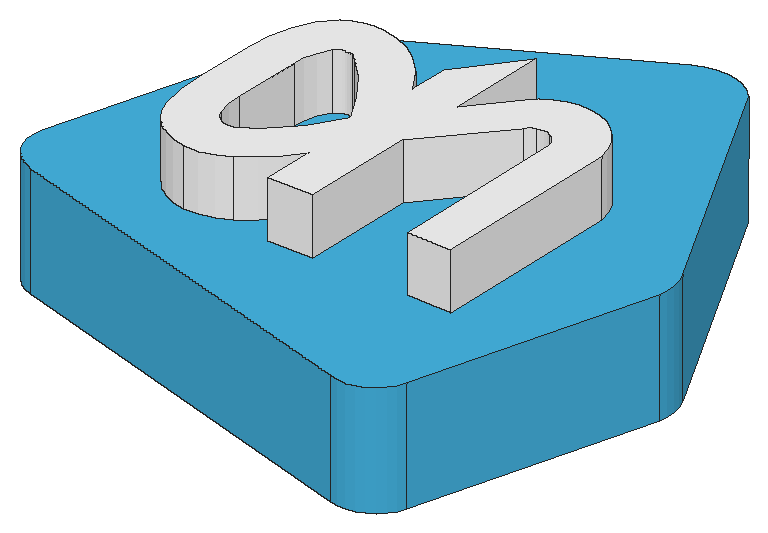
Revit family "AH_CubeGenericObjectData", category Generic Models, Revit 2025
Family settings
  Can host rebar = No
  Round Connector Dimension = Use Diameter
  Part Type = Normal
  Work Plane-Based = No
  Always vertical = Yes
  Cut with Voids When Loaded = No
  Maintain Annotation Orientation = No
  Shared = No
  Room Calculation Point = No
Parameters (values of type "Dummy")
  Standalone = ""
  Default Elevation = 0 mm
  Classificatie = ""
  Aanwezig in Project = no
Reference planes
  plane 1 "Center (Front/Back)": y = 0
  plane 2: z = 0
  plane 3 "Center (Left/Right)": x = 0
Forms (mm)
  Extrusion 1, solid, material "AH_Blauw"
    sketch origin (2649.501, 1012.67, 0) x (1, 0, 0) y (0, 1, 0)
      loop
        arc (-2976.123, -755.914) -> (-3001.465, -777.939) -> (-3015.663, -808.365) r 80.78
        line (-3015.663, -808.365) -> (-3134.876, -1224.11)
        arc (-3134.876, -1224.11) -> (-3126.621, -1282.853) -> (-3079.876, -1319.373) r 79.176
        line (-3079.876, -1319.373) -> (-2387.768, -1517.832)
        arc (-2387.768, -1517.832) -> (-2329.598, -1512.743) -> (-2292.851, -1467.364) r 74.721
        line (-2292.851, -1467.364) -> (-2174.327, -1054.021)
        arc (-2174.327, -1054.021) -> (-2174.786, -1021.101) -> (-2185.614, -990.009) r 102.955
        line (-2185.614, -990.009) -> (-2429.382, -539.195)
        arc (-2429.382, -539.195) -> (-2484.781, -507.852) -> (-2547.559, -518.357) r 95.341
        line (-2547.559, -518.357) -> (-2976.123, -755.914)
    from 0 to 200
  Extrusion 2, solid, material "AH_Wit"
    sketch origin (2649.501, 1012.67, 0) x (1, 0, 0) y (0, 1, 0)
      loop
        arc (-2695.752, -950.515) -> (-2721.42, -913.386) -> (-2753.274, -881.406) r 253.181
        arc (-2753.274, -881.406) -> (-2790.741, -857.994) -> (-2833.209, -845.816) r 158.723
        arc (-2833.209, -845.816) -> (-2882.268, -853.586) -> (-2918.595, -887.461) r 84.944
        arc (-2918.595, -887.461) -> (-2940.306, -939.878) -> (-2947.712, -996.128) r 217.333
        line (-2947.712, -996.128) -> (-2947.712, -1106.128)
        arc (-2947.712, -1106.128) -> (-2945.357, -1151.177) -> (-2936.743, -1195.457) r 322.724
        arc (-2936.743, -1195.457) -> (-2902.159, -1250.415) -> (-2842.604, -1276.291) r 110
        arc (-2842.604, -1276.291) -> (-2804.545, -1272.226) -> (-2769.531, -1256.765) r 124.185
        arc (-2769.531, -1256.765) -> (-2728.664, -1223.853) -> (-2695.752, -1182.986) r 244.706
        line (-2695.752, -1182.986) -> (-2695.752, -1272.986) -> (-2615.716, -1272.986) -> (-2615.716, -1073.455) -> (-2506.149, -942.878)
        arc (-2506.149, -942.878) -> (-2499.599, -936.546) -> (-2491.556, -932.268) r 32.69
        arc (-2491.556, -932.268) -> (-2480.375, -930.296) -> (-2469.195, -932.268) r 32.69
        arc (-2469.195, -932.268) -> (-2453.597, -944.236) -> (-2447.685, -962.986) r 32.69
        line (-2447.685, -962.986) -> (-2447.685, -1272.986) -> (-2370.185, -1272.986) -> (-2370.185, -937.986)
        arc (-2370.185, -937.986) -> (-2396.991, -881.787) -> (-2448.913, -847.421) r 116.496
        arc (-2448.913, -847.421) -> (-2506.417, -846.417) -> (-2554.651, -877.741) r 98.356
        line (-2554.651, -877.741) -> (-2615.716, -950.515) -> (-2615.716, -778.073) -> (-2695.752, -880.515) -> (-2695.752, -950.515)
      loop
        arc (-2870.212, -1118.466) -> (-2867.915, -1144.716) -> (-2861.095, -1170.169) r 151.168
        arc (-2861.095, -1170.169) -> (-2852.84, -1183.127) -> (-2839.882, -1191.382) r 35.493
        arc (-2839.882, -1191.382) -> (-2827.188, -1193.053) -> (-2814.977, -1189.203) r 29.578
        arc (-2814.977, -1189.203) -> (-2802.651, -1181.202) -> (-2791.226, -1171.96) r 140.906
        arc (-2791.226, -1171.96) -> (-2746.695, -1124.265) -> (-2711.19, -1069.519) r 371.791
        arc (-2711.19, -1069.519) -> (-2725.046, -1043.592) -> (-2741.04, -1018.926) r 348.1
        arc (-2741.04, -1018.926) -> (-2757.407, -994.009) -> (-2776.093, -970.78) r 309.879
        arc (-2776.093, -970.78) -> (-2795.961, -950.55) -> (-2816.899, -931.43) r 521.575
        arc (-2816.899, -931.43) -> (-2820.255, -928.958) -> (-2823.955, -927.038) r 26.737
        arc (-2823.955, -927.038) -> (-2839.775, -926.286) -> (-2852.295, -935.984) r 22.89
        arc (-2852.295, -935.984) -> (-2865.644, -965.966) -> (-2870.212, -998.466) r 117.909
        line (-2870.212, -998.466) -> (-2870.212, -1118.466)
    from 200 to 300
Lines and regions (mm)
  model lines
    curve 1: line (0, 0, 0) -> (945.722, 0, 0)
    curve 2: line (945.722, 0, 0) -> (0, 0, 0)
    curve 3: line (0, 0, 0) -> (472.861, 0, 0)
Dimensions and locks
  aligned and locked: level to plane 2
